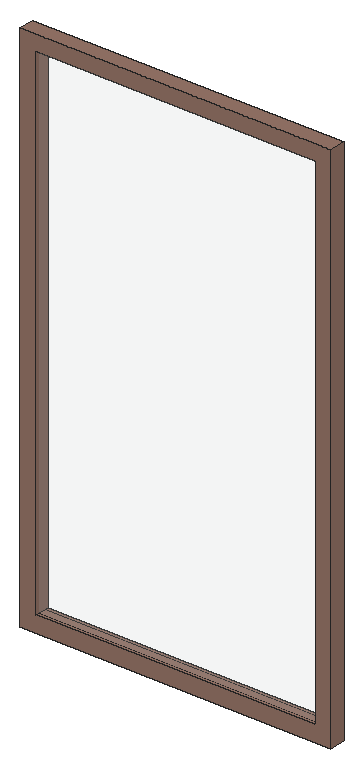
Revit family "A_Window_Single Panel_No Host", category Windows, Revit 2020
Family settings
  Work Plane-Based = No
  Always vertical = Yes
  Cut with Voids When Loaded = No
  Shared = No
  Room Calculation Point = No
Parameters
  Width = 1015 mm
  Symbol2 = yes
  Symbol1 = yes
  Panel_Thickness = 25 mm
  Panel_Material = 1. GL-B-01
  Height = 1750 mm
  Frame_Material = Paint - Sienna
  Frame_Width = 50 mm
  Frame_Height = 50 mm
  Define Thermal Properties by = Schematic Type
  Default Elevation = 0 mm
  Analytic Construction = "<None>"
Reference planes
  plane 1 "Center (Front/Back)": y = 0
  plane 2: z = 0
  plane 3 "Center (Left/Right)": x = 0
  plane 4: y = 25
  plane 5: y = -25
  plane 6: x = -507.5
  plane 7: x = 507.5
  plane 8: z = 1750
  plane 9: y = 12.5
  plane 10: y = -12.5
Forms (mm)
  Extrusion 1, solid, material "Paint - Sienna" <- "Frame_Material"
    sketch origin (0, 0, 0) x (1, 0, 0) y (0, 0, 1)
      loop
        line (457.5, 1700) -> (-457.5, 1700) -> (-457.5, 50) -> (457.5, 50) -> (457.5, 1700)
      loop
        line (507.5, 1750) -> (-507.5, 1750) -> (-507.5, 0) -> (507.5, 0) -> (507.5, 1750)
    from -25 to 25
  Extrusion 2, solid, material "1. GL-B-01" <- "Panel_Material"
    sketch origin (0, 0, 0) x (1, 0, 0) y (0, 0, 1)
      loop
        line (457.5, 1700) -> (-457.5, 1700) -> (-457.5, 50) -> (457.5, 50) -> (457.5, 1700)
    from -12.5 to 12.5
Dimensions and locks
  equal spacing: plane 5, plane 1 "Center (Front/Back)", plane 4
  "Frame_Width": plane 4 to plane 5
  equal spacing: plane 6, plane 3 "Center (Left/Right)", plane 7
  "Width": plane 6 to plane 7
  "Height": level to plane 8
  "Frame_Height": Extrusion 1 sketch curve to plane 7
  "Frame_Height": Extrusion 1 sketch curve to plane 8
  "Frame_Height": Extrusion 1 sketch curve to plane 6
  "Frame_Height": level to Extrusion 1 sketch curve
  equal spacing: plane 10, plane 1 "Center (Front/Back)", plane 9
  "Panel_Thickness": plane 9 to plane 10
  "Frame_Height": Extrusion 2 sketch curve to plane 8
  "Frame_Height": plane 7 to Extrusion 2 sketch curve
  "Frame_Height": level to Extrusion 2 sketch curve
  "Frame_Height": Extrusion 2 sketch curve to plane 6
  equal spacing: level, nested 2, plane 8
  equal spacing: plane 8, nested 1, level
  aligned and locked: level to plane 2
  aligned and locked: Extrusion 1 sketch curve to plane 8
  aligned and locked: Extrusion 1 sketch curve to plane 7
  aligned and locked: plane 6 to Extrusion 1 sketch curve
  aligned and locked: level to Extrusion 1 sketch curve
  aligned and locked: plane 4 to Extrusion 1
  aligned and locked: Extrusion 1 to plane 5
  aligned and locked: Extrusion 2 to plane 9
  aligned and locked: Extrusion 2 to plane 10
  aligned and locked: plane 3 "Center (Left/Right)" to nested 1
  aligned and locked: plane 10 to nested 1
  aligned and locked: nested 2 to plane 3 "Center (Left/Right)"
  aligned and locked: plane 9 to nested 2
Nested families
  nested 1: "Family2" at (0, -12.5, 875), visible <- "Symbol1", type "Family2"
    with l 150 mm
  nested 2: "Family2" at (0, 12.5, 875), visible <- "Symbol2", type "Family2"
    with l 150 mm
Definition of nested family "Family2"
  Parameters (values of type "Family2")
    l [instance] = 150 mm
    Default Elevation = 0 mm
  Reference planes
    plane 1 "Center (Front/Back)": y = 0
    plane 2: z = 0
    plane 3 "Center (Left/Right)": x = 0
    plane 4: x = -75
    plane 5: x = 75
    plane 6: y = -100
  Lines and regions (mm)
    symbolic lines
      curve 1: line (-75, -100, 0) -> (75, -100, 0)
      curve 2: line (75, -100, 0) -> (37.412, -86.319, 0)
      curve 3: line (75, -100, 0) -> (37.412, -113.681, 0)
    model lines
      curve 4: line (-75, 0, 0) -> (75, 0, 0)
      curve 5: line (75, 0, 0) -> (37.412, 0, 13.681)
      curve 6: line (75, 0, 0) -> (37.412, 0, -13.681)
  Dimensions and locks
    equal spacing: plane 4, plane 3 "Center (Left/Right)", plane 5
    "l": plane 4 to plane 5
    locked: plane 1 "Center (Front/Back)" to plane 6 at 100
    locked: curve 2 to plane 5 at 37.588
    locked: curve 3 to plane 5 at 37.588
    locked: plane 5 to curve 6 at 37.588
    locked: plane 5 to curve 5 at 37.588
    aligned and locked: level to plane 2
  Automatic sketch dimensions
    curve 1 to plane 4 = 0 mm
    curve 3 to plane 5 = 0 mm
    curve 2 to plane 6 = 0 mm
    plane 6 to curve 2 = 13.681 mm
    curve 3 to plane 6 = 13.681 mm
    curve 4 to level = 0 mm
    curve 4 to plane 4 = 0 mm
    curve 6 to plane 5 = 0 mm
    level to curve 5 = 13.681 mm
    curve 6 to level = 13.681 mm
